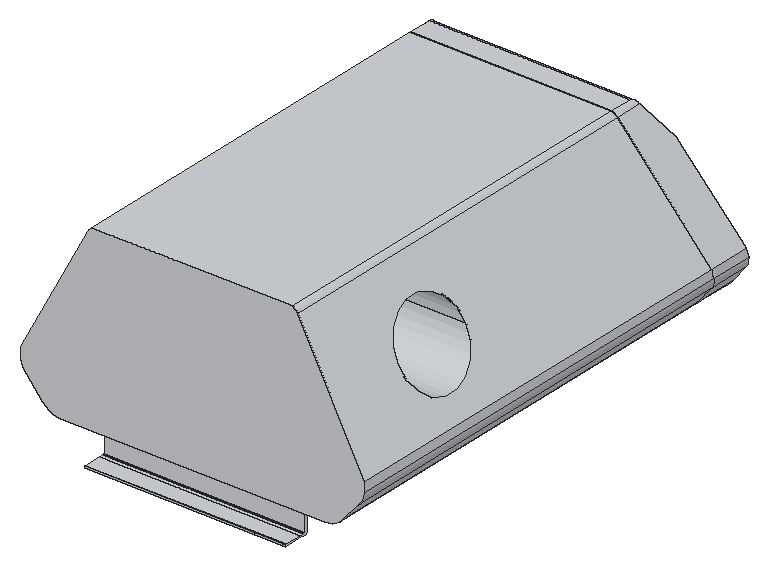
Revit family "Building-RicaricaVeicoliElettrici-GEWISS-JOINON-ION_PARETE", category Apparecchi elettrici, host Superficie, Revit 2019
Family settings
  Host = Superficie
  Mantenere orientamento annotazione = No
  Quota connettore circolare = Usa diametro
  Tipo di parte = Normale
  Taglio con vuoti quando caricato = No
  Condiviso = No
  Punto di calcolo locali = No
Parameters (values of type "GWJ2123W - JOINON I-ON WALL CLOUD 22+22KW MID LAN+4G 1T2+1S")
  sp_y [instance] = 3306.156 mm
  sp_x [instance] = 2013.885 mm
  sp_effettivo_y [instance] = 4000 mm - sp_y  # 693.844 mm
  sp_effettivo_x [instance] = 4000 mm - sp_x  # 1986.115 mm
  bordo_simbolo [instance] = yes
  Versione file RFA = "19.4"
  URL = "https://www.gewiss.com/it/it"
  Trattamento superficiale = ""
  Trattamento esterno = "Anti-corrosione ed anti-graffito"
  Tipologia di installazione = ""
  Tipo di protezione differenziale = "Attualmente non presente"
  Tipo di installazione e montaggio = "A parete"
  Tensione nominale di isolamento (Ui) = "400 Volt"
  Tensione nominale = "400 Volt"
  Temperatura di utilizzo = "-25 +50 °C"
  Simbolo in pianta = yes
  Riarmo protezioni da remoto = "Attualmente non presente"
  Resistenza agli urti = "IK10"
  Protezioni = "No"
  Protezione magnetotermica = "Attualmente non presente"
  Default Elevation = 1219.2 mm
  Produttore = "GEWISS S.p.A."
  Prese di ricarica (EN62196) = ""
  Potenza max. = "22 kW per socket (2,3 kW per Tipo F)"
  Potenza massima per presa = ""
  Potenza di ricarica = "22 kW + 2,3 kW"
  Potenza complessiva: = "25 Chilowatt"
  Personalizzabile: = "SI (frontale)"
  OUTPUT : = "-"
  Numero di prese (tipo) = "1 (Tipo 2 anti-vandalo,  con shutter) + 1 (Tipo F)"
  N. Prese Tipo 2 = "1 (+1 prese domestiche tipo F)"
  Morsettiera: = "1 x (5 x 10 mm²) + 1 x (3 x 6 mm²)"
  Modo di ricarica (EN 61851) : = ""
  Modello = "GWJ2123W"
  Materiale = "Lamiera d'acciaio"
  Lettore RFID = "Si"
  Immagine tipo = ION_PARETE.jpg
  INPUT: = "-"
  IDF = "2f9b508c-7d31-4b7c-ae4d-7ca9aada2f83"
  Human Interface = "LED RGB e TFT Display"
  Grado di protezione = "IP54"
  Descrizione = "JOINON I-ON WALL CLOUD 22+22KW MID LAN+4G 1T2+1S"
  DC Leakage check = "Attualmente non presente"
  Creato da GEWISS S.p.A. = ""
  Corrente nominale: = "42 Ampere"
  Corrente massima per presa = ""
  Corrente in ingresso = ""
  Corrente erogata (max) = "32 A per socket (10 A per Tipo F)"
  Contatore di energia = "SI (Tipo MID)"
  ConnettivitÃ : = "LAN, WIFI, 4G"
  ConnettivitÃ  = ""
  Comunicazione = "Kit Ethernet e Modem 4G con antenna di potenziamento"
  Colore esterno = ""
  Colore = "Grigio, Testata RAL 7011"
  Codice Electrocod = ""
  Caratteristiche meccaniche = "-"
  COBie.Tagnumber = ""
  COBie.CreatedOn = ""
  COBie.CreatebBy = ""
  COBie.ComponentRegisterItemID = ""
  COBie.Component.TagNumber = ""
  COBie.Component.Space = ""
  COBie.Component.SerialNumber = ""
  COBie.Component.InstallationDate = ""
  COBie.Component.Description = ""
  COBie.Component.BarCode = ""
  Attivazione ricarica = "Gestito da remoto, via OCPP 1.6J"
  Alimentazione (2 linee separate) = ""
Types (17, lengths in mm): name | Trattamento superficiale | Tipologia di installazione | Tensione nominale di isolamento (Ui) | Tensione nominale | Riarmo protezioni da remoto | Prese di ricarica (EN62196) | Potenza max. | Potenza massima per presa | Potenza di ricarica | Potenza complessiva: | Numero di prese (tipo) | N. Prese Tipo 2 | Morsettiera: | Modo di ricarica (EN 61851) : | Modello | Lettore RFID | Grado di protezione | Descrizione | Corrente nominale: | Corrente massima per presa | Corrente in ingresso | Corrente erogata (max) | Contatore di energia | ConnettivitÃ : | ConnettivitÃ  | Comunicazione | Colore esterno | Codice Electrocod | Attivazione ricarica | Alimentazione (2 linee separate)
  (no name) | "Verniciatura superficiale anti-graffiti" | "A parete o su Palo" | "400 Volt" | "400 Volt" | "Attualmente non presente" | "2 x Tipo 2" | "22 kW per socket (2,3 kW per Tipo F)" | "22 kW + 22 kW" | "22 kW + 2,3 kW" | "25 Chilowatt" | "1 (Tipo 2 anti-vandalo,  con shutter) + 1 (Tipo F)" | "1 (+1 prese domestiche tipo F)" | "1 x (5 x 10 mm²) + 1 x (3 x 6 mm²)" | "Modo 3" | "GWJ2123W" | "Si" | "IP54" | "JOINON I-ON WALL CLOUD 22+22KW MID LAN+4G 1T2+1S" | "42 Ampere" | "32 A + 32 A" | "64 Ampere" | "32 A per socket (10 A per Tipo F)" | "SI (Tipo MID)" | "LAN, WIFI, 4G" | "OCPP 1.6 SOAP" | "Kit Ethernet e Modem 4G con antenna di potenziamento" | "Chassie Grigio, Cappello RAL7011" | "2242" | "Gestito da remoto, via OCPP 1.6J" | "Trifase 35 mm²"
  GWJ2101A - JOINON I-ON WALL AUTOSTART 7,4+7,4KW 2T2 | "Verniciatura superficiale anti-graffiti" | "A parete o su Palo" | "230 Volt" | "230 Volt" | "No" | "2 x Tipo 2" | "7,4 kW per socket" | "7,4 kW + 7,4 kW" | "7,4 kW + 7,4 kW" | "15 Chilowatt" | "2 (Tipo 2 con shutter)" | "2" | "2 x (3 x 10 mm²)" | "Modo 3" | "GWJ2101A" | "No" | "IP55" | "JOINON I-ON WALL AUTOSTART 7,4+7,4KW 2T2" | "64 Ampere" | "32 A + 32 A" | "64 Ampere" | "32 A per socket" | "Attualmente non presente" | "No" | "" | "" | "Chassie Grigio, Cappello RAL7011" | "2242" | "Accesso Libero" | "Monofase 35 mm²"
  GWJ2101L - JOINON I-ON WALL CLOUD 7,4+7,4KW MID LAN 2T2 | "Verniciatura superficiale anti-graffiti" | "A parete o su Palo" | "230 Volt" | "230 Volt" | "Attualmente non presente" | "2 x Tipo 2" | "7,4 kW per socket" | "7,4 kW + 7,4 kW" | "7,4 kW + 7,4 kW" | "15 Chilowatt" | "2 (Tipo 2 anti-vandalo,  con shutter)" | "2" | "2 x (3 x 10 mm²)" | "Modo 3" | "GWJ2101L" | "Si" | "IP55" | "JOINON I-ON WALL CLOUD 7,4+7,4KW MID LAN 2T2" | "64 Ampere" | "32 A + 32 A" | "64 Ampere" | "32 A per socket" | "SI (Tipo MID)" | "LAN" | "OCPP 1.6 SOAP" | "Kit Ethernet" | "Chassie Grigio, Cappello RAL7011" | "2242" | "Gestito da remoto, via OCPP 1.6J" | "Monofase 35 mm²"
  GWJ2101R - JOINON I-ON WALL RFID 7,4+7,4KW MID 2T2 | "Verniciatura superficiale anti-graffiti" | "A parete o su Palo" | "230 Volt" | "230 Volt" | "Attualmente non presente" | "2 x Tipo 2" | "7,4 kW per socket" | "7,4 kW + 7,4 kW" | "7,4 kW + 7,4 kW" | "15 Chilowatt" | "2 (Tipo 2 anti-vandalo,  con shutter)" | "2" | "2 x (3 x 10 mm²)" | "Modo 3" | "GWJ2101R" | "Si" | "IP55" | "JOINON I-ON WALL RFID 7,4+7,4KW MID 2T2" | "64 Ampere" | "32 A + 32 A" | "64 Ampere" | "32 A per socket" | "SI (Tipo MID)" | "No" | "" | "" | "Chassie Grigio, Cappello RAL7011" | "2242" | "Gestito localmente, via RFID" | "Monofase 35 mm²"
  GWJ2101W - JOINON I-ON WALL CLOUD 7,4+7,4KW MID LAN+4G 2T2 | "Verniciatura superficiale anti-graffiti" | "A parete o su Palo" | "230 Volt" | "230 Volt" | "Attualmente non presente" | "2 x Tipo 2" | "7,4 kW per socket" | "7,4 kW + 7,4 kW" | "7,4 kW + 7,4 kW" | "15 Chilowatt" | "2 (Tipo 2 anti-vandalo,  con shutter)" | "2" | "2 x (3 x 10 mm²)" | "Modo 3" | "GWJ2101W" | "Si" | "IP55" | "JOINON I-ON WALL CLOUD 7,4+7,4KW MID LAN+4G 2T2" | "64 Ampere" | "32 A + 32 A" | "64 Ampere" | "32 A per socket" | "SI (Tipo MID)" | "LAN, WIFI, 4G" | "OCPP 1.6 SOAP" | "Kit Ethernet e Modem 4G con antenna di potenziamento" | "Chassie Grigio, Cappello RAL7011" | "2242" | "Gestito da remoto, via OCPP 1.6J" | "Monofase 35 mm²"
  GWJ2102A - JOINON I-ON WALL AUTOSTART 11+11KW 2T2 | "Verniciatura superficiale anti-graffiti" | "A parete o su Palo" | "400 Volt" | "400 Volt" | "Attualmente non presente" | "2 x Tipo 2" | "11 kW per socket" | "11 kW + 11 kW" | "11 kW + 11 kW" | "22 Chilowatt" | "2 (Tipo 2 con shutter)" | "2" | "2 x (5 x 10 mm²)" | "Modo 3" | "GWJ2102A" | "No" | "IP55" | "JOINON I-ON WALL AUTOSTART 11+11KW 2T2" | "32 Ampere" | "16 A + 16 A" | "32 Ampere" | "16 A per socket" | "Attualmente non presente" | "No" | "" | "" | "Chassie Grigio, Cappello RAL7011" | "2242" | "Accesso Libero" | "Trifase 35 mm²"
  GWJ2102L - JOINON I-ON WALL CLOUD 11+11KW MID LAN 2T2 | "Verniciatura superficiale anti-graffiti" | "A parete o su Palo" | "400 Volt" | "400 Volt" | "Attualmente non presente" | "2 x Tipo 2" | "11 kW per socket" | "11 kW + 11 kW" | "11 kW + 11 kW" | "22 Chilowatt" | "2 (Tipo 2 anti-vandalo,  con shutter)" | "2" | "2 x (5 x 10 mm²)" | "Modo 3" | "GWJ2102L" | "Si" | "IP55" | "JOINON I-ON WALL CLOUD 11+11KW MID LAN 2T2" | "32 Ampere" | "16 A + 16 A" | "32 Ampere" | "16 A per socket" | "SI (Tipo MID)" | "LAN" | "OCPP 1.6 SOAP" | "Kit Ethernet" | "Chassie Grigio, Cappello RAL7011" | "2242" | "Gestito da remoto, via OCPP 1.6J" | "Trifase 35 mm²"
  GWJ2102R - JOINON I-ON WALL RFID 11+11KW MID 2T2 | "Verniciatura superficiale anti-graffiti" | "A parete o su Palo" | "400 Volt" | "400 Volt" | "Attualmente non presente" | "2 x Tipo 2" | "11 kW per socket" | "11 kW + 11 kW" | "11 kW + 11 kW" | "22 Chilowatt" | "2 (Tipo 2 anti-vandalo,  con shutter)" | "2" | "2 x (5 x 10 mm²)" | "Modo 3" | "GWJ2102R" | "Si" | "IP55" | "JOINON I-ON WALL RFID 11+11KW MID 2T2" | "32 Ampere" | "16 A + 16 A" | "32 Ampere" | "16 A per socket" | "SI (Tipo MID)" | "No" | "" | "" | "Chassie Grigio, Cappello RAL7011" | "2242" | "Gestito localmente, via RFID" | "Trifase 35 mm²"
  GWJ2102W - JOINON I-ON WALL CLOUD 11+11KW MID LAN+4G 2T2 | "Verniciatura superficiale anti-graffiti" | "A parete o su Palo" | "400 Volt" | "400 Volt" | "Attualmente non presente" | "2 x Tipo 2" | "11 kW per socket" | "11 kW + 11 kW" | "11 kW + 11 kW" | "22 Chilowatt" | "2 (Tipo 2 anti-vandalo,  con shutter)" | "2" | "2 x (5 x 10 mm²)" | "Modo 3" | "GWJ2102W" | "Si" | "IP55" | "JOINON I-ON WALL CLOUD 11+11KW MID LAN+4G 2T2" | "32 Ampere" | "16 A + 16 A" | "32 Ampere" | "16 A per socket" | "SI (Tipo MID)" | "LAN, WIFI, 4G" | "OCPP 1.6 SOAP" | "Kit Ethernet e Modem 4G con antenna di potenziamento" | "Chassie Grigio, Cappello RAL7011" | "2242" | "Gestito da remoto, via OCPP 1.6J" | "Trifase 35 mm²"
  GWJ2103A - JOINON I-ON WALL AUTOSTART 22+22KW 2T2 | "Verniciatura superficiale anti-graffiti" | "A parete o su Palo" | "400 Volt" | "400 Volt" | "Attualmente non presente" | "2 x Tipo 2" | "22 kW per socket" | "22 kW + 22 kW" | "22 kW + 22 kW" | "44 Chilowatt" | "2 (Tipo 2 con shutter)" | "2" | "2 x (5 x 10 mm²)" | "Modo 3" | "GWJ2103A" | "No" | "IP55" | "JOINON I-ON WALL AUTOSTART 22+22KW 2T2" | "64 Ampere" | "32 A + 32 A" | "64 Ampere" | "32 A per socket" | "Attualmente non presente" | "No" | "" | "" | "Chassie Grigio, Cappello RAL7011" | "2242" | "Accesso Libero" | "Trifase 35 mm²"
  GWJ2103L - JOINON I-ON WALL CLOUD 22+22KW MID LAN 2T2 | "Verniciatura superficiale anti-graffiti" | "A parete o su Palo" | "400 Volt" | "400 Volt" | "Attualmente non presente" | "2 x Tipo 2" | "22 kW per socket" | "22 kW + 22 kW" | "22 kW + 22 kW" | "44 Chilowatt" | "2 (Tipo 2 anti-vandalo,  con shutter)" | "2" | "2 x (5 x 10 mm²)" | "Modo 3" | "GWJ2103L" | "Si" | "IP55" | "JOINON I-ON WALL CLOUD 22+22KW MID LAN 2T2" | "64 Ampere" | "32 A + 32 A" | "64 Ampere" | "32 A per socket" | "SI (Tipo MID)" | "LAN" | "OCPP 1.6 SOAP" | "Kit Ethernet" | "Chassie Grigio, Cappello RAL7011" | "2242" | "Gestito da remoto, via OCPP 1.6J" | "Trifase 35 mm²"
  GWJ2103R - JOINON I-ON WALL RFID 22+22KW MID 2T2 | "Verniciatura superficiale anti-graffiti" | "A parete o su Palo" | "400 Volt" | "400 Volt" | "Attualmente non presente" | "2 x Tipo 2" | "22 kW per socket" | "22 kW + 22 kW" | "22 kW + 22 kW" | "44 Chilowatt" | "2 (Tipo 2 anti-vandalo,  con shutter)" | "2" | "2 x (5 x 10 mm²)" | "Modo 3" | "GWJ2103R" | "Si" | "IP55" | "JOINON I-ON WALL RFID 22+22KW MID 2T2" | "64 Ampere" | "32 A + 32 A" | "64 Ampere" | "32 A per socket" | "SI (Tipo MID)" | "No" | "" | "" | "Chassie Grigio, Cappello RAL7011" | "2242" | "Gestito localmente, via RFID" | "Trifase 35 mm²"
  GWJ2103W - JOINON I-ON WALL CLOUD 22+22KW MID LAN+4G 2T2 | "Verniciatura superficiale anti-graffiti" | "A parete o su Palo" | "400 Volt" | "400 Volt" | "Attualmente non presente" | "2 x Tipo 2" | "22 kW per socket" | "22 kW + 22 kW" | "22 kW + 22 kW" | "44 Chilowatt" | "2 (Tipo 2 anti-vandalo,  con shutter)" | "2" | "2 x (5 x 10 mm²)" | "Modo 3" | "GWJ2103W" | "Si" | "IP55" | "JOINON I-ON WALL CLOUD 22+22KW MID LAN+4G 2T2" | "64 Ampere" | "32 A + 32 A" | "64 Ampere" | "32 A per socket" | "SI (Tipo MID)" | "LAN, WIFI, 4G" | "OCPP 1.6 SOAP" | "Kit Ethernet e Modem 4G con antenna di potenziamento" | "Chassie Grigio, Cappello RAL7011" | "2242" | "Gestito da remoto, via OCPP 1.6J" | "Trifase 35 mm²"
  GWJ2121R - JOINON I-ON WALL RFID 7,4+7,4KW MID 1T2+1S | "" | "" | "230 Volt" | "230 Volt" | "Attualmente non presente" | "" | "7,4 kW per socket (2,3 kW per Tipo F)" | "" | "7,4 kW + 2,3 kW" | "10 Chilowatt" | "1 (Tipo 2 anti-vandalo,  con shutter) + 1 (Tipo F)" | "1 (+1 prese domestiche tipo F)" | "1 x (3 x 10 mm²) + 1 x (3 x 6 mm²)" | "" | "GWJ2121R" | "Si" | "IP54" | "JOINON I-ON WALL RFID 7,4+7,4KW MID 1T2+1S" | "42 Ampere" | "" | "" | "32 A per socket (10 A per Tipo F)" | "SI (Tipo MID)" | "No" | "" | "" | "" | "" | "Gestito localmente, via RFID" | ""
  GWJ2123R - JOINON I-ON WALL RFID 22+22KW MID 1T2+1S | "" | "" | "400 Volt" | "400 Volt" | "Attualmente non presente" | "" | "22 kW per socket (2,3 kW per Tipo F)" | "" | "22 kW + 2,3 kW" | "25 Chilowatt" | "1 (Tipo 2 anti-vandalo,  con shutter) + 1 (Tipo F)" | "1 (+1 prese domestiche tipo F)" | "1 x (5 x 10 mm²) + 1 x (3 x 6 mm²)" | "" | "GWJ2123R" | "Si" | "IP54" | "JOINON I-ON WALL RFID 22+22KW MID 1T2+1S" | "42 Ampere" | "" | "" | "32 A per socket (10 A per Tipo F)" | "SI (Tipo MID)" | "No" | "" | "" | "" | "" | "Gestito localmente, via RFID" | ""
  GWJ2121W - JOINON I-ON WALL CLOUD 7,4+7,4KW MID LAN+4G 1T2+1S | "" | "" | "230 Volt" | "230 Volt" | "Attualmente non presente" | "" | "7,4 kW per socket (2,3 kW per Tipo F)" | "" | "7,4 kW + 2,3 kW" | "10 Chilowatt" | "1 (Tipo 2 anti-vandalo,  con shutter) + 1 (Tipo F)" | "1 (+1 prese domestiche tipo F)" | "1 x (3 x 10 mm²) + 1 x (3 x 6 mm²)" | "" | "GWJ2121W" | "Si" | "IP54" | "JOINON I-ON WALL CLOUD 7,4+7,4KW MID LAN+4G 1T2+1S" | "42 Ampere" | "" | "" | "32 A per socket (10 A per Tipo F)" | "SI (Tipo MID)" | "LAN, WIFI, 4G" | "" | "Kit Ethernet e Modem 4G con antenna di potenziamento" | "" | "" | "Gestito da remoto, via OCPP 1.6J" | ""
  GWJ2123W - JOINON I-ON WALL CLOUD 22+22KW MID LAN+4G 1T2+1S | "" | "" | "400 Volt" | "400 Volt" | "Attualmente non presente" | "" | "22 kW per socket (2,3 kW per Tipo F)" | "" | "22 kW + 2,3 kW" | "25 Chilowatt" | "1 (Tipo 2 anti-vandalo,  con shutter) + 1 (Tipo F)" | "1 (+1 prese domestiche tipo F)" | "1 x (5 x 10 mm²) + 1 x (3 x 6 mm²)" | "" | "GWJ2123W" | "Si" | "IP54" | "JOINON I-ON WALL CLOUD 22+22KW MID LAN+4G 1T2+1S" | "42 Ampere" | "" | "" | "32 A per socket (10 A per Tipo F)" | "SI (Tipo MID)" | "LAN, WIFI, 4G" | "" | "Kit Ethernet e Modem 4G con antenna di potenziamento" | "" | "" | "Gestito da remoto, via OCPP 1.6J" | ""
Reference planes
  plane 1 "Centro (Fronte/Retro)": y = 0
  plane 2: z = 0
  plane 3 "Centro (Sinistra/Destra)": x = 0
  plane 4: x = -1986.115
  plane 5: y = -693.844
  plane 6: x = 0
  plane 7: y = 0
Dimensions and locks
  plane 4 to plane 3 "Centro (Sinistra/Destra)" = 1986.115 mm
  "sp_effettivo_x": plane 4 to plane 6
  plane 1 "Centro (Fronte/Retro)" to plane 5 = 693.844 mm
  "sp_effettivo_y": plane 7 to plane 5
  aligned and locked: plane 2 to host face
  aligned and locked: level to host face
  aligned and locked: plane 3 "Centro (Sinistra/Destra)" to nested 1
  aligned and locked: plane 6 to nested 2
  aligned and locked: nested 2 to plane 7
Automatic sketch dimensions
  host sketch curve to host sketch curve = 2438.4 mm  (x2)
Nested families
  nested 1: "wall" at (0, -100, 0), type "wall"
  nested 2: "simb_torretta" at (0, 0, 0), Visibilita' simbolo <- "Simbolo in pianta", Bordo simbolo <- "bordo_simbolo", type "simb_torretta"
    with Visibilita' simbolo yes, Bordo simbolo yes
Definition of nested family "wall"
  Parameters (values of type "wall")
    s = 430 mm
  Reference planes
    plane 1 "Centro (Fronte/Retro)": y = 0
    plane 2: z = 0
    plane 3 "Centro (Sinistra/Destra)": x = 0
    plane 4: x = -215
    plane 5: x = 215
    plane 6: x = -108.884
    plane 7: x = 321.116
  Forms (mm)
    Extrusion 1, solid
      sketch origin (0, 0, 0) x (0, 1, 0) y (0, 0, 1)
        loop
          line (320.67, 30.739) -> (365.899, 30.739)
          arc (365.899, 30.739) -> (370.664, 33.093) -> (371.69, 38.308) r 6
          line (371.69, 38.308) -> (369.397, 46.865) -> (362.849, 71.304) -> (355.696, 97.998) -> (325.146, 212.013)
          arc (325.146, 212.013) -> (324.788, 212.995) -> (324.266, 213.901) r 6
          line (324.266, 213.901) -> (297.761, 251.753) -> (292.56, 259.181)
          arc (292.56, 259.181) -> (290.416, 261.061) -> (287.645, 261.739) r 6
          line (287.645, 261.739) -> (258.774, 261.739) -> (320.67, 30.739)
      from -215 to 215
    Extrusion 2, void
      sketch origin (0, 0, 0) x (1, 0, 0) y (0, 0, 1)
        loop
          line (-215, 265.836) -> (-215, 96.799) -> (-130.803, 255.15)
          arc (-130.803, 255.15) -> (-123.441, 262.957) -> (-113.103, 265.836) r 20.002
          line (-113.103, 265.836) -> (-215, 265.836)
      from -385.124 to -245.285
    Extrusion 3, void
      sketch origin (0, 0, 0) x (1, 0, 0) y (0, 0, 1)
        loop
          line (-215, 84.809) -> (-215, 15.72) -> (-164.527, 15.72) -> (170.662, 15.72) -> (215, 15.72) -> (215, 84.809)
          arc (215, 84.809) -> (212.323, 76.409) -> (207.319, 69.15) r 30.002
          line (207.319, 69.15) -> (187.507, 45.474)
          arc (187.507, 45.474) -> (177.196, 37.566) -> (164.509, 34.76) r 30.002
          line (164.509, 34.76) -> (-163.79, 34.615)
          arc (-163.79, 34.615) -> (-176.663, 37.491) -> (-187.089, 45.57) r 30.254
          line (-187.089, 45.57) -> (-207.319, 69.15)
          arc (-207.319, 69.15) -> (-212.323, 76.409) -> (-215, 84.809) r 30.002
      from -395.704 to -259.895
    Extrusion 4, void
      sketch origin (0, 0, 0) x (-1, 0, 0) y (0, 0, -1)
        loop
          line (-215, -265.836) -> (-113.103, -265.836)
          arc (-113.103, -265.836) -> (-123.441, -262.957) -> (-130.803, -255.15) r 20.002
          line (-130.803, -255.15) -> (-215, -96.799) -> (-215, -265.836)
      from -385.124 to -245.285
    Extrusion 5, solid
      sketch origin (0, 0, 0) x (1, 0, 0) y (0, 0, 1)
        loop
          line (125.232, 261.739) -> (-125.232, 261.739)
          arc (-125.232, 261.739) -> (-128.377, 258.749) -> (-130.803, 255.15) r 20.002
          line (-130.803, 255.15) -> (-215, 96.799) -> (-215, 84.815)
          spline (-215, 84.815) -> (-214.732, 83.372) -> (-214.392, 81.942) -> (-213.981, 80.531) -> (-213.501, 79.14) -> (-212.951, 77.773) -> (-212.334, 76.433) -> (-211.651, 75.123) -> (-210.904, 73.847) -> (-210.093, 72.607) -> (-209.222, 71.406) -> (-208.291, 70.247) -> (-207.304, 69.133)
          line (-207.304, 69.133) -> (-186.899, 45.349)
          spline (-186.899, 45.349) -> (-185.475, 43.764) -> (-183.935, 42.284) -> (-182.287, 40.915) -> (-180.541, 39.666) -> (-178.706, 38.543) -> (-176.79, 37.551) -> (-174.806, 36.697) -> (-172.762, 35.985) -> (-170.67, 35.418) -> (-168.54, 34.999) -> (-166.385, 34.731) -> (-164.216, 34.615)
          line (-164.216, 34.615) -> (164.962, 34.759)
          spline (164.962, 34.759) -> (167.12, 34.875) -> (169.264, 35.143) -> (171.382, 35.561) -> (173.463, 36.128) -> (175.495, 36.84) -> (177.469, 37.693) -> (179.372, 38.683) -> (181.196, 39.804) -> (182.93, 41.051) -> (184.565, 42.417) -> (186.093, 43.894) -> (187.505, 45.475)
          line (187.505, 45.475) -> (207.308, 69.137)
          spline (207.308, 69.137) -> (208.295, 70.251) -> (209.224, 71.409) -> (210.095, 72.61) -> (210.905, 73.85) -> (211.653, 75.126) -> (212.336, 76.435) -> (212.952, 77.775) -> (213.501, 79.141) -> (213.982, 80.532) -> (214.392, 81.943) -> (214.732, 83.372) -> (215, 84.815)
          line (215, 84.815) -> (215, 96.799) -> (130.803, 255.15)
          arc (130.803, 255.15) -> (128.377, 258.749) -> (125.232, 261.739) r 20.002
      from -402.043 to 237.9
    Extrusion 6, void
      sketch origin (0, 0, 0) x (0, 1, 0) y (0, 0, 1)
        loop
          line (402.043, 0) -> (402.043, 290) -> (251.202, 290) -> (328.907, 0) -> (402.043, 0)
      from -373.812 to 250
    Extrusion 7, solid
      sketch origin (0, 0, 1.5) x (0, 1, 0) y (0, 0, 1)
        loop
          line (-187.168, 26.839) -> (-182.168, 26.839) -> (-182.168, 28.839) -> (-187.168, 28.839) -> (-216.668, 28.839)
          arc (-216.668, 28.839) -> (-218.435, 28.107) -> (-219.168, 26.339) r 2.5
          line (-219.168, 26.339) -> (-219.168, -0.661)
          arc (-219.168, -0.661) -> (-219.314, -1.014) -> (-219.668, -1.161) r 0.5
          line (-219.668, -1.161) -> (-222.097, -1.161) -> (-225.632, -1.161) -> (-247.703, -1.161) -> (-249.168, -1.161) -> (-249.168, -3.161) -> (-247.703, -3.161) -> (-225.632, -3.161) -> (-222.097, -3.161) -> (-219.668, -3.161)
          arc (-219.668, -3.161) -> (-217.9, -2.428) -> (-217.168, -0.661) r 2.5
          line (-217.168, -0.661) -> (-217.168, 26.339)
          arc (-217.168, 26.339) -> (-217.021, 26.693) -> (-216.668, 26.839) r 0.5
          line (-216.668, 26.839) -> (-187.168, 26.839)
        loop
          line (289.832, 1.339) -> (289.832, 26.339)
          arc (289.832, 26.339) -> (289.1, 28.107) -> (287.332, 28.839) r 2.5
          line (287.332, 28.839) -> (255.832, 28.839) -> (254.832, 28.839) -> (254.832, 26.839) -> (255.832, 26.839) -> (287.332, 26.839)
          arc (287.332, 26.839) -> (287.686, 26.693) -> (287.832, 26.339) r 0.5
          line (287.832, 26.339) -> (287.832, 1.339)
          arc (287.832, 1.339) -> (287.686, 0.986) -> (287.332, 0.839) r 0.5
          line (287.332, 0.839) -> (278.832, 0.839) -> (277.832, 0.839) -> (267.832, 0.839) -> (255.832, 0.839) -> (254.832, 0.839) -> (253.332, 0.839) -> (250.832, 0.839) -> (250.832, -1.161) -> (253.332, -1.161) -> (254.832, -1.161) -> (255.832, -1.161) -> (267.832, -1.161) -> (277.832, -1.161) -> (278.832, -1.161) -> (287.332, -1.161)
          arc (287.332, -1.161) -> (289.1, -0.428) -> (289.832, 1.339) r 2.5
      from -125.232 to 125.232
    Extrusion 8, solid, not visible
      sketch origin (0, 0, 0) x (0, 1, 0) y (0, 0, 1)
        loop
          line (-187.168, 26.839) -> (-182.168, 26.839) -> (-182.168, 28.839) -> (-187.168, 28.839) -> (-216.668, 28.839)
          arc (-216.668, 28.839) -> (-218.435, 28.107) -> (-219.168, 26.339) r 2.5
          line (-219.168, 26.339) -> (-219.168, -0.661)
          arc (-219.168, -0.661) -> (-219.314, -1.014) -> (-219.668, -1.161) r 0.5
          line (-219.668, -1.161) -> (-222.097, -1.161) -> (-225.632, -1.161) -> (-247.703, -1.161) -> (-249.168, -1.161) -> (-249.168, -3.161) -> (-247.703, -3.161) -> (-225.632, -3.161) -> (-222.097, -3.161) -> (-219.668, -3.161)
          arc (-219.668, -3.161) -> (-217.9, -2.428) -> (-217.168, -0.661) r 2.5
          line (-217.168, -0.661) -> (-217.168, 26.339)
          arc (-217.168, 26.339) -> (-217.021, 26.693) -> (-216.668, 26.839) r 0.5
          line (-216.668, 26.839) -> (-187.168, 26.839)
        loop
          line (289.832, 1.339) -> (289.832, 26.339)
          arc (289.832, 26.339) -> (289.1, 28.107) -> (287.332, 28.839) r 2.5
          line (287.332, 28.839) -> (255.832, 28.839) -> (254.832, 28.839) -> (254.832, 26.839) -> (255.832, 26.839) -> (287.332, 26.839)
          arc (287.332, 26.839) -> (287.686, 26.693) -> (287.832, 26.339) r 0.5
          line (287.832, 26.339) -> (287.832, 1.339)
          arc (287.832, 1.339) -> (287.686, 0.986) -> (287.332, 0.839) r 0.5
          line (287.332, 0.839) -> (278.832, 0.839) -> (277.832, 0.839) -> (267.832, 0.839) -> (255.832, 0.839) -> (254.832, 0.839) -> (253.332, 0.839) -> (250.832, 0.839) -> (250.832, -1.161) -> (253.332, -1.161) -> (254.832, -1.161) -> (255.832, -1.161) -> (267.832, -1.161) -> (277.832, -1.161) -> (278.832, -1.161) -> (287.332, -1.161)
          arc (287.332, -1.161) -> (289.1, -0.428) -> (289.832, 1.339) r 2.5
      from -125.232 to 125.232
    Extrusion 9, void
      sketch origin (0, 0, 0) x (0, 1, 0) y (0, 0, 1)
        loop
          spline (-138.168, 170.455) -> (-136.362, 158.343) -> (-131.067, 147.057) -> (-122.644, 137.365) -> (-111.668, 129.928) -> (-98.885, 125.253) -> (-85.168, 123.659) -> (-71.45, 125.253) -> (-58.668, 129.928) -> (-47.691, 137.365) -> (-39.268, 147.057) -> (-33.974, 158.343) -> (-32.168, 170.455)
          spline (-32.168, 170.455) -> (-33.974, 182.567) -> (-39.268, 193.853) -> (-47.691, 203.545) -> (-58.668, 210.982) -> (-71.45, 215.657) -> (-85.168, 217.251) -> (-98.885, 215.657) -> (-111.668, 210.982) -> (-122.644, 203.545) -> (-131.067, 193.853) -> (-136.362, 182.567) -> (-138.168, 170.455)
      from 0 to 250
    Extrusion 10, void
      sketch origin (0, 0, 0) x (0, 1, 0) y (0, 0, -1)
        loop
          spline (-138.168, -170.455) -> (-136.362, -182.567) -> (-131.067, -193.853) -> (-122.644, -203.545) -> (-111.668, -210.982) -> (-98.885, -215.657) -> (-85.168, -217.251) -> (-71.45, -215.657) -> (-58.668, -210.982) -> (-47.691, -203.545) -> (-39.268, -193.853) -> (-33.974, -182.567) -> (-32.168, -170.455)
          spline (-32.168, -170.455) -> (-33.974, -158.343) -> (-39.268, -147.057) -> (-47.691, -137.365) -> (-58.668, -129.928) -> (-71.45, -125.253) -> (-85.168, -123.659) -> (-98.885, -125.253) -> (-111.668, -129.928) -> (-122.644, -137.365) -> (-131.067, -147.057) -> (-136.362, -158.343) -> (-138.168, -170.455)
      from 54.978 to 373.812
  Cuts and joins
    Extrusion 2, Extrusion 3, Extrusion 4 cuts Extrusion 1
    Extrusion 6, Extrusion 9, Extrusion 10 cuts Extrusion 5
  Dimensions and locks
    equal spacing: plane 5, plane 3 "Centro (Sinistra/Destra)", plane 4
    "s": plane 5 to plane 4
    level to Extrusion 1 = 261.739 mm
    locked: plane 3 "Centro (Sinistra/Destra)" to cut or joined group of Extrusion 5, Extrusion 6, Extrusion 9, Extrusion 10 at 54.978
    aligned and locked: level to plane 2
    aligned and locked: Extrusion 1 to plane 4
    aligned and locked: plane 5 to Extrusion 1
    aligned and locked: Extrusion 3 sketch curve to plane 4
    aligned and locked: Extrusion 7 to cut or joined group of Extrusion 1, Extrusion 2, Extrusion 3, Extrusion 4  (x2)
  Automatic sketch dimensions
    Extrusion 7 sketch curve to Extrusion 7 sketch curve = 0 mm  (x23)
    Extrusion 7 sketch curve to Extrusion 7 sketch curve = 1.464 mm  (x2)
    Extrusion 7 sketch curve to Extrusion 7 sketch curve = 22.071 mm
    Extrusion 7 sketch curve to Extrusion 7 sketch curve = 3.536 mm
    Extrusion 7 sketch curve to Extrusion 7 sketch curve = 2.429 mm
    Extrusion 7 sketch curve to Extrusion 7 sketch curve = 0.5 mm  (x4)
    Extrusion 7 sketch curve to Extrusion 7 sketch curve = 29.5 mm
    Extrusion 7 sketch curve to Extrusion 7 sketch curve = 5 mm
    Extrusion 7 sketch curve to Extrusion 7 sketch curve = 2.5 mm
    Extrusion 7 sketch curve to Extrusion 7 sketch curve = 1.5 mm  (x3)
    Extrusion 7 sketch curve to Extrusion 7 sketch curve = 1 mm  (x6)
    Extrusion 7 sketch curve to Extrusion 7 sketch curve = 12 mm
    Extrusion 7 sketch curve to Extrusion 7 sketch curve = 10 mm
    Extrusion 7 sketch curve to Extrusion 7 sketch curve = 8.5 mm
    Extrusion 7 sketch curve to Extrusion 7 sketch curve = 25 mm
    Extrusion 7 sketch curve to Extrusion 7 sketch curve = 2 mm  (x2)
    Extrusion 7 sketch curve to Extrusion 7 sketch curve = 433 mm
    Extrusion 7 sketch curve to Extrusion 7 sketch curve = 27 mm
    Extrusion 8 sketch curve to Extrusion 8 sketch curve = 0 mm  (x23)
    Extrusion 8 sketch curve to Extrusion 8 sketch curve = 1.464 mm  (x2)
    Extrusion 8 sketch curve to Extrusion 8 sketch curve = 22.071 mm
    Extrusion 8 sketch curve to Extrusion 8 sketch curve = 3.536 mm
    Extrusion 8 sketch curve to Extrusion 8 sketch curve = 2.429 mm
    Extrusion 8 sketch curve to Extrusion 8 sketch curve = 0.5 mm  (x4)
    Extrusion 8 sketch curve to Extrusion 8 sketch curve = 29.5 mm
    Extrusion 8 sketch curve to Extrusion 8 sketch curve = 5 mm
    Extrusion 8 sketch curve to Extrusion 8 sketch curve = 2.5 mm
    Extrusion 8 sketch curve to Extrusion 8 sketch curve = 1.5 mm  (x3)
    Extrusion 8 sketch curve to Extrusion 8 sketch curve = 1 mm  (x6)
    Extrusion 8 sketch curve to Extrusion 8 sketch curve = 12 mm
    Extrusion 8 sketch curve to Extrusion 8 sketch curve = 10 mm
    Extrusion 8 sketch curve to Extrusion 8 sketch curve = 8.5 mm
    Extrusion 8 sketch curve to Extrusion 8 sketch curve = 25 mm
    Extrusion 8 sketch curve to Extrusion 8 sketch curve = 2 mm  (x2)
    Extrusion 8 sketch curve to Extrusion 8 sketch curve = 433 mm
    Extrusion 8 sketch curve to Extrusion 8 sketch curve = 27 mm
    Extrusion 1 sketch curve to plane 1 "Centro (Fronte/Retro)" = 258.774 mm
    Extrusion 1 sketch curve to Extrusion 1 sketch curve = 28.871 mm
    Extrusion 1 sketch curve to Extrusion 1 sketch curve = 4.915 mm  (x2)
    Extrusion 1 sketch curve to Extrusion 1 sketch curve = 5.201 mm
    Extrusion 1 sketch curve to Extrusion 1 sketch curve = 21.589 mm
    level to Extrusion 1 sketch curve = 30.739 mm
    Extrusion 1 sketch curve to Extrusion 1 sketch curve = 1.32 mm
    level to Extrusion 1 sketch curve = 212.013 mm
    Extrusion 1 sketch curve to Extrusion 1 sketch curve = 0.881 mm
    level to Extrusion 1 sketch curve = 97.998 mm
    Extrusion 1 sketch curve to Extrusion 1 sketch curve = 35.026 mm
    level to Extrusion 1 sketch curve = 71.304 mm
    Extrusion 1 sketch curve to Extrusion 1 sketch curve = 7.153 mm
    Extrusion 1 sketch curve to Extrusion 1 sketch curve = 3.05 mm
    level to Extrusion 1 sketch curve = 46.865 mm
    Extrusion 1 sketch curve to Extrusion 1 sketch curve = 3.498 mm
    level to Extrusion 1 sketch curve = 38.308 mm
    Extrusion 1 sketch curve to Extrusion 1 sketch curve = 5.791 mm
    Extrusion 1 sketch curve to Extrusion 1 sketch curve = 1.553 mm
    Extrusion 1 sketch curve to Extrusion 1 sketch curve = 37.852 mm
    Extrusion 1 sketch curve to Extrusion 1 sketch curve = 3.986 mm
    Extrusion 1 sketch curve to Extrusion 1 sketch curve = 3.441 mm
    Extrusion 2 sketch curve to plane 4 = 0 mm
    Extrusion 2 sketch curve to plane 6 = 21.92 mm
    Extrusion 2 sketch curve to plane 6 = 4.22 mm  (x2)
    level to Extrusion 2 sketch curve = 96.799 mm
    Extrusion 2 sketch curve to Extrusion 2 sketch curve = 149.034 mm
    Extrusion 2 sketch curve to Extrusion 2 sketch curve = 9.316 mm
    Extrusion 2 sketch curve to Extrusion 2 sketch curve = 10.686 mm
    Extrusion 3 sketch curve to plane 5 = 0 mm
    plane 4 to Extrusion 3 sketch curve = 7.681 mm
    plane 4 to Extrusion 3 sketch curve = 27.911 mm
    plane 4 to Extrusion 3 sketch curve = 29.614 mm
    level to Extrusion 3 sketch curve = 15.72 mm
    Extrusion 3 sketch curve to Extrusion 3 sketch curve = 22.562 mm
    Extrusion 3 sketch curve to Extrusion 3 sketch curve = 23.299 mm
    Extrusion 3 sketch curve to plane 5 = 50.491 mm
    Extrusion 3 sketch curve to Extrusion 3 sketch curve = 0.018 mm
    Extrusion 3 sketch curve to Extrusion 3 sketch curve = 6.153 mm
    Extrusion 3 sketch curve to plane 5 = 29.614 mm
    Extrusion 3 sketch curve to Extrusion 3 sketch curve = 22.998 mm
    Extrusion 3 sketch curve to plane 5 = 7.681 mm
    Extrusion 3 sketch curve to Extrusion 3 sketch curve = 18.895 mm
    Extrusion 3 sketch curve to Extrusion 3 sketch curve = 19.039 mm
    Extrusion 3 sketch curve to Extrusion 3 sketch curve = 10.714 mm
    Extrusion 3 sketch curve to Extrusion 3 sketch curve = 10.955 mm
    Extrusion 3 sketch curve to Extrusion 3 sketch curve = 23.58 mm
    Extrusion 3 sketch curve to Extrusion 3 sketch curve = 23.677 mm
    Extrusion 3 sketch curve to Extrusion 3 sketch curve = 15.659 mm  (x2)
    Extrusion 4 sketch curve to plane 5 = 0 mm
    plane 5 to Extrusion 4 sketch curve = 84.197 mm
    Extrusion 4 sketch curve to Extrusion 4 sketch curve = 17.7 mm
    Extrusion 4 sketch curve to level = 96.799 mm
    Extrusion 4 sketch curve to Extrusion 4 sketch curve = 149.034 mm
    Extrusion 4 sketch curve to Extrusion 4 sketch curve = 9.316 mm
    Extrusion 4 sketch curve to Extrusion 4 sketch curve = 10.686 mm
    Extrusion 4 sketch curve to Extrusion 4 sketch curve = 0 mm
    Extrusion 5 sketch curve to plane 4 = 0 mm
    Extrusion 5 sketch curve to plane 5 = 0 mm
    plane 4 to Extrusion 5 sketch curve = 7.696 mm
    plane 4 to Extrusion 5 sketch curve = 28.101 mm
    Extrusion 5 sketch curve to Extrusion 5 sketch curve = 22.684 mm
    Extrusion 5 sketch curve to plane 6 = 21.92 mm
    Extrusion 5 sketch curve to Extrusion 5 sketch curve = 5.571 mm  (x2)
    Extrusion 5 sketch curve to plane 6 = 4.22 mm
    Extrusion 5 sketch curve to plane 5 = 101.897 mm
    Extrusion 5 sketch curve to Extrusion 5 sketch curve = 12.129 mm
    Extrusion 5 sketch curve to plane 5 = 50.038 mm
    Extrusion 5 sketch curve to Extrusion 5 sketch curve = 22.544 mm
    Extrusion 5 sketch curve to plane 5 = 7.692 mm
    level to Extrusion 5 sketch curve = 34.615 mm
    level to Extrusion 5 sketch curve = 34.759 mm
    Extrusion 5 sketch curve to Extrusion 5 sketch curve = 10.734 mm
    Extrusion 5 sketch curve to Extrusion 5 sketch curve = 10.717 mm
    Extrusion 5 sketch curve to Extrusion 5 sketch curve = 23.783 mm
    Extrusion 5 sketch curve to Extrusion 5 sketch curve = 23.661 mm
    Extrusion 5 sketch curve to Extrusion 5 sketch curve = 15.678 mm
    Extrusion 5 sketch curve to Extrusion 5 sketch curve = 15.682 mm
    Extrusion 5 sketch curve to Extrusion 5 sketch curve = 11.984 mm  (x2)
    Extrusion 5 sketch curve to Extrusion 5 sketch curve = 149.034 mm  (x2)
    Extrusion 5 sketch curve to Extrusion 5 sketch curve = 9.316 mm
    Extrusion 5 sketch curve to plane 4 = 0.37 mm
    Extrusion 5 sketch curve to Extrusion 5 sketch curve = 13.789 mm
    Extrusion 5 sketch curve to Extrusion 5 sketch curve = 9.645 mm
    Extrusion 5 sketch curve to Extrusion 5 sketch curve = 0.563 mm
    Extrusion 5 sketch curve to Extrusion 5 sketch curve = 0.567 mm
    Extrusion 5 sketch curve to Extrusion 5 sketch curve = 23.438 mm
    Extrusion 5 sketch curve to Extrusion 5 sketch curve = 13.306 mm
    plane 5 to Extrusion 5 sketch curve = 0.37 mm
    Extrusion 6 sketch curve to level = 0 mm
    Extrusion 6 sketch curve to plane 1 "Centro (Fronte/Retro)" = 251.202 mm
    Extrusion 6 sketch curve to Extrusion 6 sketch curve = 77.705 mm
    Extrusion 6 sketch curve to Extrusion 6 sketch curve = 150.842 mm
    level to Extrusion 6 sketch curve = 290 mm
    plane 1 "Centro (Fronte/Retro)" to Extrusion 9 sketch curve = 138.168 mm
    level to Extrusion 9 sketch curve = 170.455 mm
    Extrusion 9 sketch curve to Extrusion 9 sketch curve = 53 mm
    plane 1 "Centro (Fronte/Retro)" to Extrusion 10 sketch curve = 138.168 mm
    level to Extrusion 10 sketch curve = 170.455 mm
    Extrusion 10 sketch curve to Extrusion 10 sketch curve = 53 mm
Definition of nested family "simb_torretta"
  Parameters (values of type "simb_torretta")
    Visibilita' simbolo [instance] = yes
    Bordo simbolo [instance] = yes
  Reference planes
    plane 1 "Centro (Fronte/Retro)": y = 0
    plane 2: z = 0
    plane 3 "Centro (Sinistra/Destra)": x = 0
  Lines and regions (mm)
    detail lines, in view "Livello rif.", visible <- "Bordo simbolo"
      curve 1: line (-96.5, 250, 0) -> (101.5, 250, 0)
      curve 2: line (101.5, 250, 0) -> (101.5, 0, 0)
      curve 3: line (101.5, 0, 0) -> (-96.5, 0, 0)
      curve 4: line (-96.5, 0, 0) -> (-96.5, 250, 0)
      curve 5: line (101.5, 125, 0) -> (91.744, 125, 0)
      curve 6: line (-79.833, 125, 0) -> (-96.5, 125, 0)
    detail lines, in view "Livello rif.", visible <- "Visibilita' simbolo"
      curve 7: line (63.369, 20.256, 0) -> (63.369, 0, 0)
      curve 9: line (-63.369, 20.256, 0) -> (63.369, 20.256, 0)
      curve 10: line (49.772, 20.256, 0) -> (49.772, 185.328, 0)
      curve 11: line (38.072, 197.028, 0) -> (-41.162, 197.028, 0)
      curve 12: line (-52.903, 185.287, 0) -> (-52.903, 20.256, 0)
      curve 13: line (31.542, 136.002, 0) -> (31.542, 177.347, 0)
      curve 14: line (31.542, 177.347, 0) -> (-34.673, 177.347, 0)
      curve 15: line (-34.673, 177.347, 0) -> (-34.673, 136.002, 0)
      curve 16: line (-34.673, 136.002, 0) -> (31.542, 136.002, 0)
      curve 17: line (84.479, 146.299, 0) -> (84.479, 42.731, 0)
      curve 18: line (66.859, 42.731, 0) -> (66.859, 121.971, 0)
      curve 19: line (66.859, 121.971, 0) -> (64.275, 127.282, 0)
      curve 20: line (64.275, 127.282, 0) -> (49.772, 132.307, 0)
      curve 21: line (98.652, 158.145, 0) -> (98.652, 180.875, 0)
      curve 22: line (98.652, 180.875, 0) -> (84.479, 180.875, 0)
      curve 23: line (84.479, 180.875, 0) -> (70.307, 180.875, 0)
      curve 24: line (70.307, 180.875, 0) -> (70.307, 158.145, 0)
      curve 25: line (77.215, 180.875, 0) -> (77.215, 197.35, 0)
      curve 26: line (91.744, 180.875, 0) -> (91.744, 197.35, 0)
      curve 27: line (12.372, 88.819, 0) -> (-11.307, 88.819, 0)
      curve 28: line (-11.307, 88.819, 0) -> (-11.307, 120.192, 0)
      curve 29: line (-11.307, 120.192, 0) -> (12.372, 120.192, 0)
      curve 30: line (-11.307, 105.861, 0) -> (3.96, 105.861, 0)
      curve 31: line (-14.807, 69.865, 0) -> (-1.566, 34.036, 0)
      curve 32: line (-1.566, 34.036, 0) -> (11.676, 69.865, 0)
      curve 33: line (-63.369, 20.256, 0) -> (-63.369, 0, 0)
      curve 34: line (-63.369, 0, 0) -> (63.369, 0, 0)
    detail lines, in view "Livello rif."
      curve 8: line (-96.5, 0, 0) -> (-96.5, 20.256, 0)
      curve 35: arc (-41.162, 197.028, 0) -> (-49.464, 193.589, 0) -> (-52.903, 185.287, 0) r 11.741
      curve 36: arc (49.772, 185.328, 0) -> (46.345, 193.601, 0) -> (38.072, 197.028, 0) r 11.7
      curve 37: arc (70.307, 158.145, 0) -> (84.479, 143.972, 0) -> (98.652, 158.145, 0) r 14.173
      curve 38: arc (66.859, 42.731, 0) -> (75.669, 33.921, 0) -> (84.479, 42.731, 0) r 8.81
